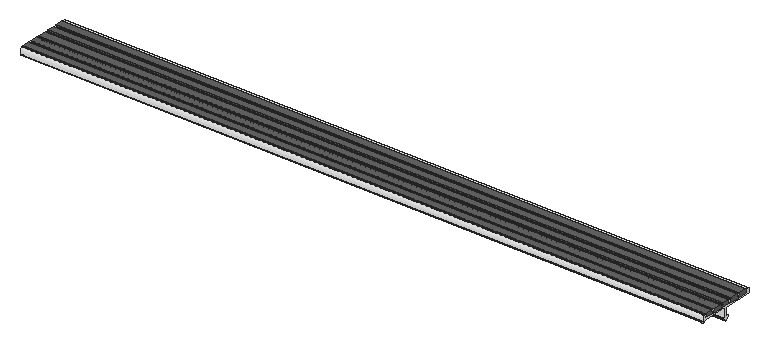
Revit family "Stair_Tread-Wooster-Supergrit_Safety_Treads-231BF", category Specialty Equipment, host Face, Revit 2017
Family settings
  Host = Face
  Round Connector Dimension = Use Diameter
  Part Type = Normal
  OmniClass Number = 23.30.70.21.11.11.11
  OmniClass Title = Stair Nosings
  Cut with Voids When Loaded = No
  Shared = No
  Room Calculation Point = No
Parameters (values of type "231BF")
  Width [instance] = 0' - 3"  # constant formula
  Version = "2017 - v2.0a"  # constant formula
  URL = "http://www.wooster-products.com/"
  Support Phone = "(224) 699-9545"  # constant formula
  Support Email = "mailto:support@anguleris.com"
  Safety Tread [instance] = Filler - Wooster - Black - Abrasive Filler
  Product Page URL = "http://www.woosterproducts.com/products/extruded-aluminum/supergrit/"
  Product Name = "Supergrit Nosings / Warning Strips"  # constant formula
  Product Documentation Link = "http://www.woosterproducts.com/spec/231BF.pdf"
  Model = "231BF"
  Material = ""
  Manufacturer Phone Number = "1-800-321-4936 or 330-264-2844"  # constant formula
  Manufacturer Fax Number = "330-262-4151"  # constant formula
  Manufacturer Email = "mailto:tim@wooster-products.com"
  Manufacturer Address = "1000 Spruce Street, P.O. BOX 6005, Wooster, OH. 44691"  # constant formula
  Manufacturer = "Wooster Productions Inc"  # constant formula
  Length Constraint [instance] = if(Length > 12' 0", 12' 0", Length)  # 3' - 0"
  Length [instance] = 3' - 0"
  Description = "Anti-Slip Stair Nosing"  # constant formula
  Depth = 0' - 0 1/4"  # constant formula
  Default Elevation = 0' - 0"  # constant formula
  Copyright = "Wooster Products Inc. 2019"  # constant formula
  Construction Type = "New Construction"  # constant formula
Values of the unnamed type that differ from the named types
  Support Email = ""
  Product Page URL = "http://www.wooster-products.com/Supergrit_Safety_Treads.html"
  Product Documentation Link = "http://wooster-products.com/pub/Specs/231BF.pdf"
  Manufacturer Email = ""
Reference planes (in)
  plane 1 "Center (Front/Back)": y = 0
  plane 2: z = 0
  plane 3 "Center (Left/Right)": x = 0
  plane 4 "Left": x = -18
  plane 5 "Right": x = 18
  plane 6 "Back": y = 1.5
  plane 7 "Front": y = -1.5
  plane 8 "Bottom": z = -0.23438
  plane 9: z = 0.01562
Forms (in)
  Sweep 1, solid, material "Filler - Wooster - Black - Abrasive Filler" <- "Safety Tread"
    path origin (0, 23.92037, 0.01562) x (0, 1, 0) y (-1, 0, 0)
      loop
        line (-22.42037, -18) -> (-22.42037, 18)
    profile "Abrasive Filler : Abrasive Filler" origin (0, 1.5, 0.01562) x (0, -1, 0) y (0, 0, 1)
      loop
        line (0.15569, -0.1824) -> (0.64269, -0.1824) -> (0.60782, 0.03125) -> (0.19056, 0.03125) -> (0.15569, -0.1824)
      loop
        line (0.70582, -0.1824) -> (1.19282, -0.1824) -> (1.15794, 0.03125) -> (0.74069, 0.03125) -> (0.70582, -0.1824)
      loop
        line (1.74457, -0.1824) -> (1.70969, 0.03125) -> (1.29244, 0.03125) -> (1.25757, -0.1824) -> (1.74457, -0.1824)
      loop
        line (2.29632, -0.1824) -> (2.26145, 0.03125) -> (1.84419, 0.03125) -> (1.80932, -0.1824) -> (2.29632, -0.1824)
      loop
        line (2.81655, 0.03125) -> (2.39596, 0.03125) -> (2.36107, -0.1824) -> (2.8404, -0.1824) -> (2.81618, -0.03397) -> (2.81655, 0.03125)
  Sweep 2, solid, material "Metal - Wooster - Extruded Aluminum"
    path origin (0, 23.92037, 0.01562) x (0, 1, 0) y (-1, 0, 0)
      loop
        line (-22.42037, -18) -> (-22.42037, 18)
    profile "Aluminum Base : Aluminum Base" origin (0, 1.5, 0.01562) x (0, -1, 0) y (0, 0, 1)
      loop
        line (0, 0) -> (0, -0.25) -> (1.41239, -0.25)
        arc (1.41239, -0.25) -> (1.45658, -0.2683) -> (1.47488, -0.31249) r 0.0625
        line (1.47488, -0.31249) -> (1.47488, -0.76968) -> (1.34989, -0.66974) -> (1.34989, -0.7499) -> (1.50614, -0.875) -> (1.66239, -0.7499) -> (1.66212, -0.66994) -> (1.53738, -0.76968) -> (1.53738, -0.3125)
        arc (1.53738, -0.3125) -> (1.55569, -0.2683) -> (1.59989, -0.25) r 0.0625
        line (1.59989, -0.25) -> (2.81884, -0.25)
        arc (2.81884, -0.25) -> (2.87744, -0.27078) -> (2.90985, -0.32385) r 0.09301
        arc (2.90985, -0.32385) -> (2.9298, -0.34396) -> (2.94985, -0.32396) r 0.02
        arc (2.94985, -0.32396) -> (2.93228, -0.16489) -> (2.87489, -0.0155) r 0.62489
        arc (2.87489, -0.0155) -> (2.83732, -0.00089) -> (2.8166, -0.03549) r 0.03125
        line (2.8166, -0.03549) -> (2.8404, -0.1824) -> (2.36107, -0.1824) -> (2.39121, 0.00216) -> (2.2662, 0.00216) -> (2.29632, -0.1824) -> (1.80932, -0.1824) -> (1.83944, 0.00216) -> (1.71444, 0.00216) -> (1.74457, -0.1824) -> (1.25757, -0.1824) -> (1.28769, 0.00216) -> (1.16269, 0.00216) -> (1.19282, -0.1824) -> (0.70582, -0.1824) -> (0.73594, 0.00216) -> (0.61257, 0.00216) -> (0.64269, -0.1824) -> (0.15569, -0.1824) -> (0.18546, 0) -> (0, 0)
Lines and regions (in)
  Masking region 1
    outline origin (0, 0, 0) x (1, 0, 0) y (0, 1, 0)
      loop
        line (-18, 1.5) -> (-18, -1.5) -> (18, -1.5) -> (18, 1.5) -> (-18, 1.5)
Dimensions and locks (in)
  equal spacing: plane 4 "Left", plane 3 "Center (Left/Right)", plane 5 "Right"
  "Length Constraint": plane 4 "Left" to plane 5 "Right"
  equal spacing: plane 7 "Front", plane 1 "Center (Front/Back)", plane 6 "Back"
  "Width": plane 7 "Front" to plane 6 "Back"
  "Depth": plane 9 to plane 8 "Bottom"
  locked: plane 2 to plane 8 "Bottom" at 0.23438
  aligned and locked: plane 2 to host face
  aligned and locked: level to host face
  aligned and locked: plane 4 "Left" to Sweep 1 sketch curve
  aligned and locked: plane 5 "Right" to Sweep 1 sketch curve
  aligned and locked: plane 6 "Back" to Sweep 1 sketch curve
  aligned and locked: plane 4 "Left" to Sweep 2 sketch curve
  aligned and locked: plane 5 "Right" to Sweep 2 sketch curve
  aligned and locked: plane 6 "Back" to Sweep 2 sketch curve
  aligned and locked: plane 4 "Left" to Masking region 1 sketch curve
  aligned and locked: Masking region 1 sketch curve to plane 6 "Back"
  aligned and locked: Masking region 1 sketch curve to plane 7 "Front"
  aligned and locked: plane 5 "Right" to Masking region 1 sketch curve
Automatic sketch dimensions
  host sketch curve to host sketch curve = 8' - 0"
  host sketch curve to host sketch curve = 4' - 0"
